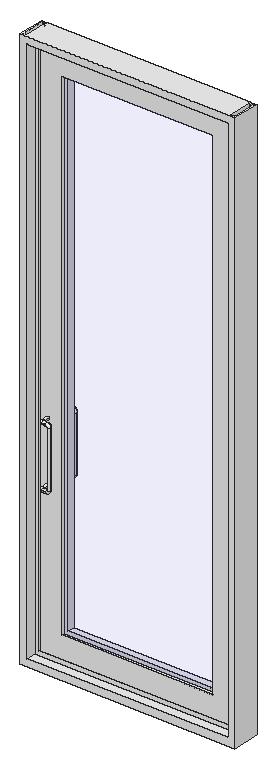
Revit family "kawneer-2000t-sgl_20607", category Doors, Revit 2015
Parameters
  Width = 32"
  Water - Static (ASTM E 331) = "In-swing - 6.24 psf (300 Pa)\r\nOut-swing - 15.0 psf (718 Pa)"
  URL = "http://www.kawneer.com/kawneer/north_america/en/product.asp?prod_id=1822"
  Type of Glazing = "monolithic, insulating"
  Type Comments = "Narrow Stile Terrace Access Door"
  Thermal Transmittance = "<0.57 BTU/hr/ff/F"
  Sub Category3 = ""
  Sub Category2 = ""
  Sub Category1 = ""
  Short Description = "Narrow Stile Terrace Access Door"
  Product data url = "https://bimobject.com/kawneerna/product/20607"
  Panel Inserts Material = Glass
  Overall U-Factor = "0.5646"
  Model = "2000T Terrace Door"
  Manufacturer Part Number = "2000T Terrace Door"
  Manufacturer = "Kawneer"
  Keywords = "Entrance, Door, Swing Door, French Door, Balcony Door, Thermally Broken Door"
  Hurricane Resistant Tested = "Small missile\r\nLarge missile"
  Hinging Types = "Butt Hinge"
  Height = 84"
  Glass U-Factor = "0.48"
  Glass Installtion = "outside"
  Glass Capture = "Captured"
  Function (Interior or Exterior) = "Exterior"
  Function = Interior
  Door Panel Material = Aluminum - ASTM B 221 - 6063-T6 alloy and temper
  Door Hangle Height = 33 25/256"
  Door Handle Width = Width - (1 9/16" * 2)  # 28 7/8"
  Door Handle Material = Aluminum - ASTM B 221 - 6063-T6 alloy and temper
  Door Corner Construction = "Mitered, heavy duty internal corner clip"
  Design Pressure = "40 psf (1915 Pa)"
  Design Load = "60 psf (2873 Pa)"
  Description = "The \"2000T Terrace Door\" is a thermally broken high performance French style door for use in condominiums, lofts, hotels and apartments.  It features mitered corner construction with heavy duty corner clips, stainless steel locking hardware and designed to meet the code requirements of windborne debris protection."
  Depth = 4"
  Color = "any"
  Cladding Type = "n/a"
  CSI Masterformat Code = "08 41 13"
  Assembly Code = "B2030110"
  Application = "exterior balconies"
  Air Infiltration (ASTM E 283) = "< 0.30 cfm/ft2  @ 6.24 psf (300 Pa), Single Doors"
  2-Color Option = "yes"
Reference planes
  plane 1 "Center (Front/Back)": y = -50
  plane 2: z = 0
  plane 3 "Center (Left/Right)": x = -310.356
  plane 4: x = -716.756
  plane 5: x = 96.044
  plane 6: y = 0.8
  plane 7: y = -100.8
  plane 8: z = 2133.6
  plane 9: z = 840.68
  plane 10: x = -691.356
  plane 11: x = 70.644
  plane 12: z = 25.4
  plane 13: z = 2108.2
  plane 14: x = -596.106
  plane 15: x = -24.606
  plane 16: x = -643.731
Forms (mm)
  Sweep 1, solid, material "Aluminum - ASTM B 221 - 6063-T6 alloy and temper" <- "Door Panel Material"
    path origin (0, -50, 0) x (1, 0, 0) y (0, 0, 1)
      loop
        line (-716.756, 2133.6) -> (-716.756, 0)
    profile "2000TDoorFrameSide : 2000TDoorFrameSide" origin (-716.756, -50, 1066.8) x (1, 0, 0) y (0, -1, 0)
      loop
        line (25.4, 50.8) -> (0, 50.8) -> (0, -50.8) -> (20.439, -50.8) -> (20.4, -45.839) -> (25.4, -45.839) -> (25.4, 6.35) -> (40.382, 6.35) -> (40.382, 11.311) -> (25.4, 11.311) -> (25.4, 50.8)
      loop
        line (5, -45.8) -> (15.439, -45.8) -> (15.439, -40.839) -> (20.439, -40.839) -> (20.4, 45.75) -> (5, 45.75) -> (5, -45.8)
  Sweep 2, solid, material "Aluminum - ASTM B 221 - 6063-T6 alloy and temper" <- "Door Panel Material"
    path origin (0, -50, 0) x (1, 0, 0) y (0, 0, 1)
      loop
        line (96.044, 2133.6) -> (96.044, 0)
    profile "2000TDoorFrameSide : 2000TDoorFrameSide" origin (96.044, -50, 1066.8) x (1, 0, 0) y (0, -1, 0)
      loop
        line (-25.4, 50.8) -> (-25.4, 11.311) -> (-40.382, 11.311) -> (-40.382, 6.35) -> (-25.4, 6.35) -> (-25.4, -45.839) -> (-20.4, -45.839) -> (-20.439, -50.8) -> (0, -50.8) -> (0, 50.8) -> (-25.4, 50.8)
      loop
        line (-5, -45.8) -> (-5, 45.75) -> (-20.4, 45.75) -> (-20.439, -40.839) -> (-15.439, -40.839) -> (-15.439, -45.8) -> (-5, -45.8)
  Sweep 3, solid, material "Aluminum - ASTM B 221 - 6063-T6 alloy and temper" <- "Door Panel Material"
    path origin (0, -50, 0) x (1, 0, 0) y (0, 0, 1)
      loop
        line (-691.356, 2133.6) -> (70.644, 2133.6)
    profile "2000TDoorFrameTop : 2000TDoorFrameTop" origin (-310.356, -50, 2133.6) x (0, 0, 1) y (0, -1, 0)
      loop
        line (-25.4, 50.8) -> (-25.4, 11.311) -> (-40.382, 11.311) -> (-40.382, 6.35) -> (-25.4, 6.35) -> (-25.4, -45.839) -> (-20.4, -45.839) -> (-20.439, -50.8) -> (0, -50.8) -> (0, 50.8) -> (-25.4, 50.8)
      loop
        line (-5, -45.8) -> (-5, 45.75) -> (-20.4, 45.75) -> (-20.439, -40.839) -> (-15.439, -40.839) -> (-15.439, -45.8) -> (-5, -45.8)
  Sweep 4, solid, material "Aluminum - ASTM B 221 - 6063-T6 alloy and temper" <- "Door Panel Material"
    path origin (0, -50, 0) x (1, 0, 0) y (0, 0, 1)
      loop
        line (-691.356, 0) -> (70.644, 0)
    profile "2000TDoorFrameBottom : 2000TDoorFrameBottom" origin (-310.356, -50, 0) x (0, 0, 1) y (0, -1, 0)
      loop
        line (25.4, 50.8) -> (0, 50.8) -> (0, -50.8) -> (20.439, -50.8) -> (20.4, -45.839) -> (25.4, -45.839) -> (25.4, 6.35) -> (40.382, 6.35) -> (40.382, 11.311) -> (25.4, 11.311) -> (25.4, 50.8)
      loop
        line (5, -45.8) -> (15.439, -45.8) -> (15.439, -40.839) -> (20.439, -40.839) -> (20.4, 45.75) -> (5, 45.75) -> (5, -45.8)
  Sweep 5, solid, material "Aluminum - ASTM B 221 - 6063-T6 alloy and temper" <- "Door Panel Material"
    path origin (0, -50, 0) x (1, 0, 0) y (0, 0, 1)
      loop
        line (-691.356, 2108.2) -> (-691.356, 25.4)
    profile "2000TSide : 2000TSide" origin (-691.356, -50, 1066.8) x (1, 0, 0) y (0, -1, 0)
      loop
        line (57.35, 1.35) -> (4.961, 1.35) -> (4.961, -45.839) -> (57.35, -45.839) -> (57.35, 1.35)
      loop
        line (95.25, -50.8) -> (95.25, -22.682) -> (62.35, -22.682) -> (62.35, 1.35) -> (90.289, 1.35) -> (90.289, -3.611) -> (95.25, -3.611) -> (95.25, 6.35) -> (0, 6.35) -> (0, 1.35) -> (0, -45.8) -> (-4.961, -45.8) -> (-4.961, -50.8) -> (95.25, -50.8)
      loop
        line (62.35, -45.8) -> (90.289, -45.8) -> (90.289, -27.643) -> (62.35, -27.643) -> (62.35, -45.8)
  Sweep 6, solid, material "Aluminum - ASTM B 221 - 6063-T6 alloy and temper" <- "Door Panel Material"
    path origin (0, -50, 0) x (1, 0, 0) y (0, 0, 1)
      loop
        line (70.644, 2108.2) -> (70.644, 25.4)
    profile "2000TSide : 2000TSide" origin (70.644, -50, 1066.8) x (1, 0, 0) y (0, -1, 0)
      loop
        line (-57.35, 1.35) -> (-57.35, -45.839) -> (-4.961, -45.839) -> (-4.961, 1.35) -> (-57.35, 1.35)
      loop
        line (-95.25, -50.8) -> (4.961, -50.8) -> (4.961, -45.8) -> (0, -45.8) -> (0, 1.35) -> (0, 6.35) -> (-95.25, 6.35) -> (-95.25, -3.611) -> (-90.289, -3.611) -> (-90.289, 1.35) -> (-62.35, 1.35) -> (-62.35, -22.682) -> (-95.25, -22.682) -> (-95.25, -50.8)
      loop
        line (-62.35, -45.8) -> (-62.35, -27.643) -> (-90.289, -27.643) -> (-90.289, -45.8) -> (-62.35, -45.8)
  Sweep 7, solid, material "Aluminum - ASTM B 221 - 6063-T6 alloy and temper" <- "Door Panel Material"
    path origin (0, -50, 0) x (1, 0, 0) y (0, 0, 1)
      loop
        line (-596.106, 2108.2) -> (-24.606, 2108.2)
    profile "2000TTop : 2000TTop" origin (-310.356, -50, 2108.2) x (0, 0, 1) y (0, -1, 0)
      loop
        line (-57.35, 1.35) -> (-57.35, -45.839) -> (-4.961, -45.839) -> (-4.961, 1.35) -> (-57.35, 1.35)
      loop
        line (-95.25, -50.8) -> (4.961, -50.8) -> (4.961, -45.8) -> (0, -45.8) -> (0, 1.35) -> (0, 6.35) -> (-95.25, 6.35) -> (-95.25, -3.611) -> (-90.289, -3.611) -> (-90.289, 1.35) -> (-62.35, 1.35) -> (-62.35, -22.682) -> (-95.25, -22.682) -> (-95.25, -50.8)
      loop
        line (-62.35, -45.8) -> (-62.35, -27.643) -> (-90.289, -27.643) -> (-90.289, -45.8) -> (-62.35, -45.8)
  Sweep 8, solid, material "Aluminum - ASTM B 221 - 6063-T6 alloy and temper" <- "Door Panel Material"
    path origin (0, -50, 0) x (1, 0, 0) y (0, 0, 1)
      loop
        line (-596.106, 25.4) -> (-24.606, 25.4)
    profile "2000TBottom : 2000TBottom" origin (-310.356, -50, 25.4) x (0, 0, 1) y (0, -1, 0)
      loop
        line (57.35, 1.35) -> (4.961, 1.35) -> (4.961, -45.839) -> (57.35, -45.839) -> (57.35, 1.35)
      loop
        line (95.25, -50.8) -> (95.25, -22.682) -> (62.35, -22.682) -> (62.35, 1.35) -> (90.289, 1.35) -> (90.289, -3.611) -> (95.25, -3.611) -> (95.25, 6.35) -> (0, 6.35) -> (0, 1.35) -> (0, -45.8) -> (-4.961, -45.8) -> (-4.961, -50.8) -> (95.25, -50.8)
      loop
        line (62.35, -45.8) -> (90.289, -45.8) -> (90.289, -27.643) -> (62.35, -27.643) -> (62.35, -45.8)
  Extrusion 9, solid, material "Glass" <- "Panel Inserts Material"
    sketch origin (0, 0, 0) x (1, 0, 0) y (0, 1, 0)
      loop
        line (-629.006, -27.318) -> (-629.006, -46.389) -> (8.294, -46.389) -> (8.294, -27.318) -> (-629.006, -27.318)
    from 87.75 to 2045.85
Cuts and joins
  joined: Sweep 1, Sweep 2, Sweep 3, Sweep 4, Sweep 5, Sweep 6, Sweep 7, Sweep 8
Dimensions and locks
  equal spacing: plane 4, plane 3 "Center (Left/Right)", plane 5
  equal spacing: plane 6, plane 1 "Center (Front/Back)", plane 7
  "Depth": plane 6 to plane 7
  "Width": plane 4 to plane 5
  "Height": plane 8 to level
  "Door Hangle Height": plane 9 to level
  locked: plane 4 to plane 10 at 25.4
  locked: plane 11 to plane 5 at 25.4
  locked: plane 12 to level at 25.4
  locked: plane 8 to plane 13 at 25.4
  locked: plane 4 to plane 14 at 120.65
  locked: plane 15 to plane 5 at 120.65
  locked: plane 4 to plane 16 at 73.025
  aligned and locked: plane 8 to Sweep 1 sketch curve
  aligned and locked: level to Sweep 1 sketch curve
  aligned and locked: plane 8 to Sweep 2 sketch curve
  aligned and locked: level to Sweep 2 sketch curve
  aligned and locked: plane 10 to Sweep 3 sketch curve
  aligned and locked: plane 11 to Sweep 3 sketch curve
  aligned and locked: plane 10 to Sweep 4 sketch curve
  aligned and locked: plane 11 to Sweep 4 sketch curve
  aligned and locked: plane 13 to Sweep 5 sketch curve
  aligned and locked: plane 12 to Sweep 5 sketch curve
  aligned and locked: plane 13 to Sweep 6 sketch curve
  aligned and locked: plane 12 to Sweep 6 sketch curve
  aligned and locked: plane 14 to Sweep 7 sketch curve
  aligned and locked: plane 15 to Sweep 7 sketch curve
  aligned and locked: Extrusion 9 sketch curve to cut or joined group of Sweep 1, Sweep 2, Sweep 3, Sweep 4, Sweep 5, Sweep 6, Sweep 7, Sweep 8  (x3)
  aligned and locked: cut or joined group of Sweep 1, Sweep 2, Sweep 3, Sweep 4, Sweep 5, Sweep 6, Sweep 7, Sweep 8 to Extrusion 9 sketch curve
  aligned and locked: cut or joined group of Sweep 1, Sweep 2, Sweep 3, Sweep 4, Sweep 5, Sweep 6, Sweep 7, Sweep 8 to Extrusion 9
  aligned and locked: Extrusion 9 to cut or joined group of Sweep 1, Sweep 2, Sweep 3, Sweep 4, Sweep 5, Sweep 6, Sweep 7, Sweep 8
  aligned and locked: nested 2 to plane 6
  aligned and locked: nested 2 to plane 16
  aligned and locked: plane 16 to nested 1
  aligned and locked: plane 9 to nested 1
  aligned and locked: nested 2 to plane 9
  aligned and locked: cut or joined group of Sweep 1, Sweep 2, Sweep 3, Sweep 4, Sweep 5, Sweep 6, Sweep 7, Sweep 8 to nested 1
Automatic sketch dimensions
  Sweep 1 sketch curve to plane 4 = 0"
  Sweep 2 sketch curve to plane 5 = 0"
  Sweep 3 sketch curve to plane 8 = 0"
  Sweep 4 sketch curve to level = 0"
  Sweep 5 sketch curve to plane 10 = 0"
  Sweep 6 sketch curve to plane 11 = 0"
  Sweep 7 sketch curve to plane 13 = 0"
  Sweep 8 sketch curve to plane 12 = 0"
  plane 14 to Sweep 8 sketch curve = 0"
  plane 15 to Sweep 8 sketch curve = 0"
Nested families
  nested 1: "Style CO 9 Pull" at (-681.766, -61.311, 612.08), type "Style CO 9 Pull"
  nested 2: "Style CO 9 Pull" at (-681.766, 0.8, 612.08), type "Style CO 9 Pull"
Definition of nested family "Style CO 9 Pull"
  Parameters
    Width = 1.1811"
    Height = 9"
    Hangle Material = none
    Depth = 1.1811"
  Reference planes
    plane 1 "Center (Front/Back)": y = 0
    plane 2: z = 0
    plane 3 "Center (Left/Right)": x = 53.034
    plane 4: y = -30
    plane 5: x = 38.034
    plane 6: x = 68.034
    plane 7: x = 46.034
    plane 8 "Top": z = 228.6
    plane 9: x = 60.034
    plane 10: z = 220.6
    plane 11: z = 8
  Forms (mm)
    Sweep 1, solid, material <- "Hangle Material"
      path origin (0, 0, 0) x (1, 0, 0) y (0, 1, 0)
        loop
          line (38.034, 0) -> (38.034, -23)
          arc (38.034, -23) -> (40.085, -27.95) -> (45.034, -30) r 7
          line (45.034, -30) -> (60.034, -30)
      profile origin (38.034, -11.5, 0) x (1, 0, 0) y (0, 0, 1)
        loop
          circle (0, 0) r 5
    Sweep 2, solid, material <- "Hangle Material"
      path origin (0, 0, 228.6) x (-1, 0, 0) y (0, -1, 0)
        loop
          line (-38.034, 0) -> (-38.034, 23)
          arc (-38.034, 23) -> (-40.085, 27.95) -> (-45.034, 30) r 7
          line (-45.034, 30) -> (-60.034, 30)
      profile origin (38.034, -11.5, 228.6) x (1, 0, 0) y (0, 0, 1)
        loop
          circle (0, 0) r 5
    Sweep 3, solid, material <- "Hangle Material"
      path origin (-1540.712, -30, 1200) x (-1, 0, 0) y (0, 0, 1)
        loop
          arc (-1600.747, -1200) -> (-1606.404, -1197.657) -> (-1608.747, -1192) r 8
          line (-1608.747, -1192) -> (-1608.747, -979.4)
          arc (-1608.747, -979.4) -> (-1606.404, -973.743) -> (-1600.747, -971.4) r 8
      profile origin (68.034, -30, 114.3) x (1, 0, 0) y (0, 1, 0)
        loop
          circle (0, 0) r 5
  Cuts and joins
    joined: Sweep 1, Sweep 2, Sweep 3
  Dimensions and locks
    "Depth": plane 4 to plane 1 "Center (Front/Back)"
    equal spacing: plane 5, plane 3 "Center (Left/Right)", plane 6
    locked: plane 5 to plane 7 at 8
    "Width": plane 5 to plane 6
    "Height": plane 8 "Top" to level
    locked: plane 9 to plane 6 at 8
    locked: level to plane 11 at 8
    locked: plane 10 to plane 8 "Top" at 8
    aligned and locked: Sweep 1 sketch curve to plane 5
    aligned and locked: Sweep 1 sketch curve to plane 4
    aligned and locked: plane 1 "Center (Front/Back)" to Sweep 1 sketch curve
    aligned and locked: plane 9 to Sweep 1 sketch curve
    aligned and locked: Sweep 2 sketch curve to plane 5
    aligned and locked: Sweep 2 sketch curve to plane 4
    aligned and locked: plane 1 "Center (Front/Back)" to Sweep 2 sketch curve
    aligned and locked: plane 9 to Sweep 2 sketch curve
    aligned and locked: plane 6 to Sweep 3 sketch curve  (x2)
    aligned and locked: plane 10 to Sweep 3 sketch curve
    aligned and locked: plane 11 to Sweep 3 sketch curve
    aligned and locked: plane 9 to Sweep 3 sketch curve  (x2)
    aligned and locked: plane 8 "Top" to Sweep 3 sketch curve
    aligned and locked: level to Sweep 3 sketch curve
    aligned and locked: plane 4 to Sweep 3 sketch curve
  Automatic sketch dimensions
    Sweep 1 sketch curve to plane 7 = 0.03937"
    Sweep 1 sketch curve to level = 0"
    Sweep 1 sketch curve to profile plane = 0"
    Sweep 2 sketch curve to plane 7 = 0.03937"
    Sweep 2 sketch curve to plane 8 "Top" = 0"
    Sweep 2 sketch curve to profile plane = 0"
    radius of Sweep 1 sketch curve = 0.19685"
    radius of Sweep 2 sketch curve = 0.19685"
    radius of Sweep 3 sketch curve = 0.19685"
